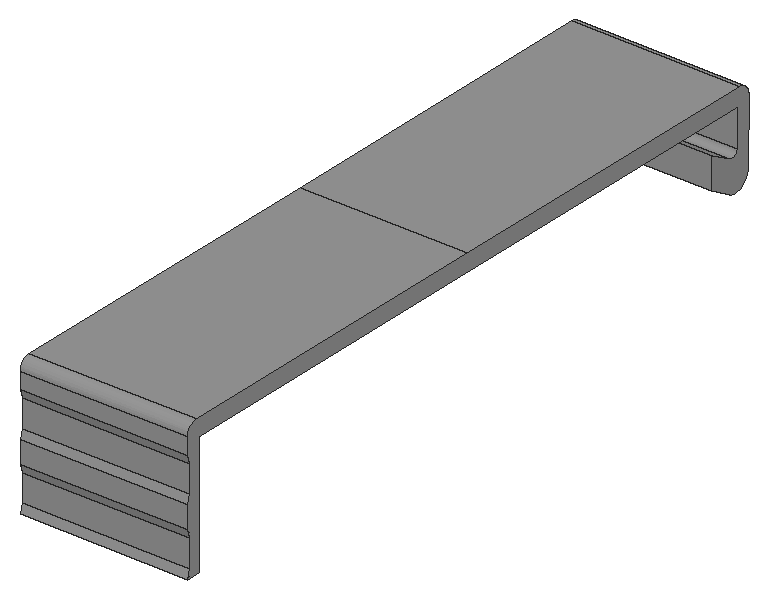
Revit family "Mounting Brackets PNR-07500", category Generic Models, Revit 2017 (continued)
Automatic sketch dimensions
  Extrusion 48 sketch curve to Extrusion 48 sketch curve = 3.406 mm
  Extrusion 48 sketch curve to Extrusion 48 sketch curve = 0.5 mm  (x2)
  Extrusion 48 sketch curve to Extrusion 48 sketch curve = 16.972 mm
  Extrusion 49 sketch curve to plane 1 "Center (Front/Back)" = 0 mm  (x2)
  level to Extrusion 49 sketch curve = 10.949 mm
  plane 1 "Center (Front/Back)" to Extrusion 49 sketch curve = 30.233 mm
  Extrusion 49 sketch curve to Extrusion 49 sketch curve = 0.214 mm  (x2)
  Extrusion 49 sketch curve to Extrusion 49 sketch curve = 0.938 mm  (x2)
  level to Extrusion 49 sketch curve = 11.708 mm
  Extrusion 49 sketch curve to Extrusion 49 sketch curve = 0.276 mm  (x2)
  Extrusion 49 sketch curve to Extrusion 49 sketch curve = 1 mm  (x2)
  Extrusion 49 sketch curve to plane 1 "Center (Front/Back)" = 27.316 mm
  Extrusion 49 sketch curve to Extrusion 49 sketch curve = 2.008 mm
  Extrusion 49 sketch curve to Extrusion 49 sketch curve = 2.076 mm
  Extrusion 49 sketch curve to Extrusion 49 sketch curve = 0.268 mm
  Extrusion 49 sketch curve to Extrusion 49 sketch curve = 0.703 mm
  Extrusion 49 sketch curve to Extrusion 49 sketch curve = 0.573 mm
  Extrusion 49 sketch curve to Extrusion 49 sketch curve = 2.455 mm  (x2)
  Extrusion 49 sketch curve to Extrusion 49 sketch curve = 0.759 mm  (x2)
  level to Extrusion 49 sketch curve = 15.235 mm
  Extrusion 49 sketch curve to Extrusion 49 sketch curve = 1.143 mm
  Extrusion 49 sketch curve to Extrusion 49 sketch curve = 2.021 mm
  Extrusion 49 sketch curve to Extrusion 49 sketch curve = 1.56 mm
  Extrusion 49 sketch curve to Extrusion 49 sketch curve = 0.464 mm
  Extrusion 49 sketch curve to Extrusion 49 sketch curve = 1.182 mm
  Extrusion 49 sketch curve to Extrusion 49 sketch curve = 3.406 mm
  Extrusion 49 sketch curve to Extrusion 49 sketch curve = 0.5 mm
  level to Extrusion 49 sketch curve = 20.915 mm
  Extrusion 49 sketch curve to Extrusion 49 sketch curve = 0 mm
  Extrusion 50 sketch curve to plane 1 "Center (Front/Back)" = 0 mm  (x2)
  plane 1 "Center (Front/Back)" to Extrusion 50 sketch curve = 4.388 mm
  Extrusion 50 sketch curve to Extrusion 50 sketch curve = 0.612 mm
  Extrusion 50 sketch curve to Extrusion 50 sketch curve = 0 mm
  Extrusion 50 sketch curve to Extrusion 50 sketch curve = 0.766 mm
  Extrusion 50 sketch curve to Extrusion 50 sketch curve = 0.969 mm
  level to Extrusion 50 sketch curve = 10.949 mm
  plane 1 "Center (Front/Back)" to Extrusion 50 sketch curve = 30.233 mm
  Extrusion 50 sketch curve to Extrusion 50 sketch curve = 0.214 mm
  level to Extrusion 50 sketch curve = 14.163 mm
  Extrusion 50 sketch curve to Extrusion 50 sketch curve = 0.938 mm  (x2)
  Extrusion 50 sketch curve to Extrusion 50 sketch curve = 0.276 mm  (x3)
  level to Extrusion 50 sketch curve = 14.922 mm
  Extrusion 50 sketch curve to plane 1 "Center (Front/Back)" = 0.731 mm
  Extrusion 50 sketch curve to Extrusion 50 sketch curve = 0.812 mm
  Extrusion 50 sketch curve to Extrusion 50 sketch curve = 0.523 mm
  Extrusion 50 sketch curve to Extrusion 50 sketch curve = 0.977 mm
  Extrusion 50 sketch curve to plane 1 "Center (Front/Back)" = 27.316 mm
  Extrusion 50 sketch curve to Extrusion 50 sketch curve = 2.008 mm
  Extrusion 50 sketch curve to Extrusion 50 sketch curve = 2.076 mm
  Extrusion 50 sketch curve to Extrusion 50 sketch curve = 2.292 mm
  Extrusion 50 sketch curve to Extrusion 50 sketch curve = 0.268 mm
  Extrusion 50 sketch curve to Extrusion 50 sketch curve = 0.703 mm
  Extrusion 50 sketch curve to Extrusion 50 sketch curve = 0.625 mm
  Extrusion 50 sketch curve to Extrusion 50 sketch curve = 1.42 mm
  Extrusion 50 sketch curve to Extrusion 50 sketch curve = 0.759 mm  (x3)
  level to Extrusion 50 sketch curve = 15.235 mm
  Extrusion 50 sketch curve to Extrusion 50 sketch curve = 1.143 mm
  Extrusion 50 sketch curve to Extrusion 50 sketch curve = 2.021 mm
  Extrusion 50 sketch curve to Extrusion 50 sketch curve = 1.56 mm
  Extrusion 50 sketch curve to Extrusion 50 sketch curve = 0.464 mm
  Extrusion 50 sketch curve to Extrusion 50 sketch curve = 1.182 mm
  Extrusion 50 sketch curve to Extrusion 50 sketch curve = 2.455 mm
  Extrusion 50 sketch curve to Extrusion 50 sketch curve = 0.985 mm
  Extrusion 50 sketch curve to Extrusion 50 sketch curve = 0.5 mm  (x2)
  Extrusion 50 sketch curve to Extrusion 50 sketch curve = 62.46 mm
  Extrusion 50 sketch curve to Extrusion 50 sketch curve = 1.461 mm
  Extrusion 50 sketch curve to Extrusion 50 sketch curve = 0.031 mm
  Extrusion 50 sketch curve to Extrusion 50 sketch curve = 0.205 mm
  Extrusion 50 sketch curve to Extrusion 50 sketch curve = 1 mm
  plane 1 "Center (Front/Back)" to Extrusion 51 sketch curve = 0 mm
  Extrusion 51 sketch curve to plane 3 "Center (Left/Right)" = 0 mm
  curve 16 to curve 17 = 0 mm  (x2)
  curve 16 to curve 18 = 0 mm  (x2)
  curve 17 to curve 18 = 0 mm  (x2)
  plane 1 "Center (Front/Back)" to curve 17 = 0 mm
  curve 17 to plane 3 "Center (Left/Right)" = 0 mm
  radius of Extrusion 51 sketch curve = 1.031 mm
  radius of curve 16 = 5.795 mm
  radius of curve 17 = 5 mm
  radius of curve 18 = 2.19 mm
Types (4, lengths in mm): name | Pendulum Start | B7-R | B3-R | B1-R | Model | Bolt_Visibility
  (no name) | 23.4 | no | yes | no | "B3-R" | yes
  B1-R | 35 | no | no | yes | "B1-R" | no
  B3-R | 23.4 | no | yes | no | "B3-R" | yes
  B7-R | 88.322 | yes | no | no | "B7-R" | yes
